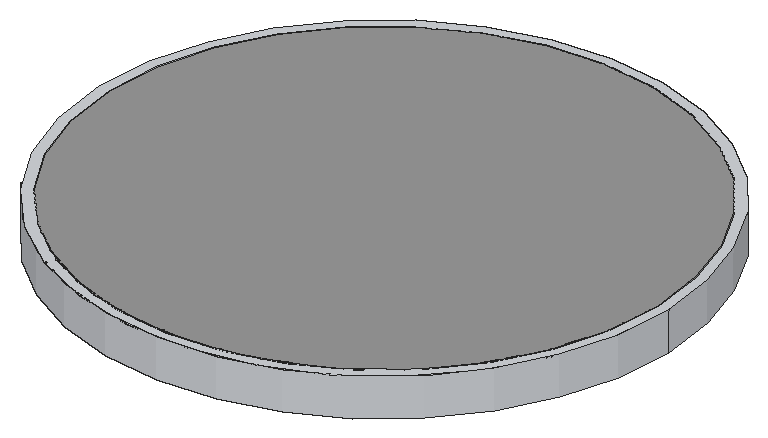
Revit family "2071260", category Lighting Fixtures, host Face, Revit 2018
Family settings
  Host = Face
  Round Connector Dimension = Use Diameter
  Part Type = Normal
  OmniClass Number = 23.80.70.00
  OmniClass Title = Lighting
  Cut with Voids When Loaded = No
  Light Source = Yes
  Shared = No
  Room Calculation Point = No
Parameters (values of type "2071260 COLOSSAL 900 830 OP DIR+H WHT SSC")
  iner diameter = 856 mm
  Weight = "n/a"
  Wattage Comments = ""
  Wattage = 30 W
  WarrantyStartDate [instance] = "n/a"
  WarrantyGuarantorParts = "n/a"
  WarrantyDurationUnit = "n/a"
  WarrantyDurationParts = ""
  WarrantyDescription = "http://www.sylvania-lighting.com"
  built-in parameter 1150110 = 1 (stored number, unit not read)
  Voltage = 230 V
  URL = "0.95"
  TypeName = "COLOSSAL 900mm 830 OPAL DIR+HAL WHITE SSC"
  Type Image = <None>
  Type Comments = "n/a"
  built-in parameter 1114217 = 1 (stored number, unit not read)
  Tilt Angle = -90.00°
  built-in parameter 1150109 = 1 (stored number, unit not read)
  built-in parameter 1150134 = (empty or 0)
  built-in parameter 1150113 = 1 (stored number, unit not read)
  SerialNumber [instance] = "n/a"
  Photometric Web File = "2071260.ies"
  Material_3_SYL = LED-Sylvania
  PowerFactor = 0
  PowerConsumption = "Lighting"
  NominalLength = 888 mm
  NominalHeight = 93 mm
  NominalDepth = 888 mm
  Name = "COLOSSAL 900mm 830 OPAL DIR+HAL WHITE SSC"
  ModelReference = Name  # "COLOSSAL 900mm 830 OPAL DIR+HAL WHITE SSC"
  ModelNumber = "2071260"
  Model = Name  # "COLOSSAL 900mm 830 OPAL DIR+HAL WHITE SSC"
  Material = "Feilo Sylvania"
  ManufacturerName = "137 lm/W"
  Manufacturer = ""
  LuminousEfficacy = ""
  built-in parameter 1150105 = 270.44 (stored number, unit not read)
  Lumens = 3398.4 lm
  LuminaireType = "0"
  built-in parameter 1150115 = 1 (stored number, unit not read)
  LightOutputRatio = "LED"
  built-in parameter 1150137 = (empty or 0)
  built-in parameter 1150139 = (empty or 0)
  LampsType = Lamp  # "n/a"
  LampNominalLuminous = "3000 K"
  LampMacAdamStep = "80"
  LampColourTemperature = "LED"
  LampColourRenderingIndex = "16500"
  built-in parameter 1150112 = 1 (stored number, unit not read)
  built-in parameter 1150114 = 1 (stored number, unit not read)
  Lamp = "n/a"
  Keynote = "n/a"
  InstallationDate [instance] = "n/a"
  InputVoltage = "0"
  InputNominalFrequency = "3000"
  built-in parameter 1150132 = (empty or 0)
  built-in parameter 1150102 = (empty or 0)
  built-in parameter 1150107 = 3000 (stored number, unit not read)
  built-in parameter 1150138 = (empty or 0)
  IngressProtection = "IfcLightFixtureType"
  ImpactProtectionIndex = "IfcLightFixtureType"
  built-in parameter 1150106 = 2.7044 (stored number, unit not read)
  IfcExportType = "IfcLightFixtureType"
  IfcExportAs = "Class I"
  Emit from Circle Diameter = 385 mm
  Emit Shape Visible in Rendering = no
  ElectricShockClassification = "137"
  built-in parameter 1150104 = 10.524 (stored number, unit not read)
  DocumentationLiterature = "http://www.sylvania-lighting.com/product/en-int/products/2071260"
  DimmingControlOptions = "n/a"
  Material_2_SYL = Polycarbonate_Sylvania_White
  Dimming Lamp Color Temperature Shift = <None>
  Description = "900mm diameter circular architectural luminaire, can be surface mounted or suspended. Powder coated aluminium housing (RAL9016) with polycarbonate opal diffuser. Direct/indirect (halo) light distribution, 10505lm luminuous flux, 76.8W system power, 137lm/W luminiaire efficacy. Sylsmart Standalone enabled. Colour rendering index Ra >80, 3000K Warm White LED, chromaticity tolerance of 3-step MacAdam ellipse. IP40/IP20, IK03. 450mA drive current. Electrical protection Class1, 220-240V. Reported lifetime 66k hours L90B10."
  Default Elevation = 1219.2 mm
  CreatedOn = "23/03/2022"
  CreatedBy = "@sylvania-lighting.com"
  Cost = 0
  Color Filter = 16777215
  built-in parameter 1114216 [instance] = (empty or 0)
  ClassificationValue = "EF_70_80"
  ClassificationName = "Uniclass2015"
  Material_1_SYL = Polycarbonate_Sylvania_Opal
  BarCode [instance] = "n/a"
  built-in parameter 1114218 = 1 (stored number, unit not read)
  built-in parameter 1150133 = 10 (stored number, unit not read)
  AssetType = "Fixed"
  AssetIdentifier [instance] = "n/a"
  Assembly Code = "D5020200"
  Apparent Load = 76.8 VA
  Material_4_SYL = none
Reference planes
  plane 1 "Center (Front/Back)": y = 0
  plane 2: z = 0
  plane 3 "Center (Left/Right)": x = 0
  plane 4: z = 1.161
  plane 5: z = 16.161
  plane 6: x = -444
  plane 7: x = 444
  plane 8: y = 444
  plane 9: y = -444
  plane 10: y = 236
  plane 11: y = -236
  plane 12: x = 85
  plane 13: x = -85
  plane 14: through (0, 0, 1219.2) normal (0.5, 0.866, 0)
  plane 15: through (42.5, 73.612, 1219.2) normal (0.5, 0.866, 0)
  plane 16: through (-42.5, -73.612, 1219.2) normal (0.5, 0.866, 0)
  plane 17: through (0, 0, 1219.2) normal (0.5, -0.866, 0)
  plane 18: through (-42.5, 73.612, 1219.2) normal (0.5, -0.866, 0)
  plane 19: through (42.5, -73.612, 1219.2) normal (0.5, -0.866, 0)
  plane 20: z = 93
  plane 21: y = 428
  plane 22: y = -428
Forms (mm)
  Extrusion 1, solid, detail levels medium+fine
    sketch origin (0, 0, 0) x (0.866025, -0.5, 0) y (0.5, 0.866025, 0)
      loop
        circle (-50, 86.603) r 22
    from 0 to 2
  Extrusion 2, solid, detail levels medium+fine
    sketch origin (0, 0, 0) x (0.866025, -0.5, 0) y (0.5, 0.866025, 0)
      loop
        circle (100, 0) r 22
      loop
        circle (-50, -86.603) r 22
    from 0 to 2
  Blend 3, solid, detail levels medium+fine
    base sketch origin (0, 0, 0) x (1, 0, 0) y (0, 1, 0)
      loop
        line (-85, 236) -> (-246.882, -44.388) -> (-161.882, -191.612) -> (161.882, -191.612) -> (246.882, -44.388) -> (85, 236) -> (-85, 236)
    top sketch origin (0, 0, 0) x (1, 0, 0) y (0, 1, 0)
      loop
        line (-85, 283.076) -> (-287.651, -67.926) -> (-207.792, -218.119) -> (207.792, -218.119) -> (292.5, -71.401) -> (85, 283.076) -> (-85, 283.076)
    from 0 to 33.022
  Extrusion 4, solid, detail levels medium+fine
    sketch origin (0, 0, 0) x (1, 0, 0) y (0, 1, 0)
      loop
        circle (0, 0) r 444
    from 33.022 to 93
  Extrusion 5, void
    sketch origin (0, 0, 0) x (1, 0, 0) y (0, 1, 0)
      loop
        circle (0, 0) r 428
    from 96.588 to 37.292
  Extrusion 6, solid, material "Glass, White, High Luminance", detail levels fine
    sketch origin (0, 0, 0) x (1, 0, 0) y (0, 1, 0)
      loop
        circle (0, 0) r 428
    from 87.991 to 93
  Extrusion 7, solid, detail levels coarse
    sketch origin (0, 0, 0) x (1, 0, 0) y (0, 1, 0)
      loop
        line (-444, 444) -> (-444, -444) -> (444, -444) -> (444, 444) -> (-444, 444)
    from 0 to 93.648
Cuts and joins
  Extrusion 5 cuts Extrusion 1
  Extrusion 5 cuts Extrusion 2
  Extrusion 5 cuts Blend 3
  Extrusion 5 cuts Extrusion 4
Lines and regions (mm)
  model lines, detail levels medium+fine
    curve 1: circle (0, 0, 0) r 100 normal (0, 0, 1)
Dimensions and locks
  "NominalDepth": plane 8 to plane 9
  plane 8 to plane 1 "Center (Front/Back)" to plane 9 = 444 mm, 444 mm
  "NominalLength": plane 6 to plane 7
  equal spacing: plane 6, plane 3 "Center (Left/Right)", plane 7
  "NominalHeight": level to plane 20
  "iner diameter": plane 21 to plane 22
  equal spacing: plane 21, plane 1 "Center (Front/Back)", plane 22
  aligned and locked: plane 2 to host face
  aligned and locked: level to host face
Automatic sketch dimensions
  host sketch curve to host sketch curve = 2438.4 mm  (x2)
  Extrusion 1 sketch curve to plane 3 "Center (Left/Right)" = 0 mm
  Extrusion 1 sketch curve to plane 1 "Center (Front/Back)" = 100 mm
  plane 1 "Center (Front/Back)" to Extrusion 2 sketch curve = 50 mm
  Extrusion 2 sketch curve to plane 3 "Center (Left/Right)" = 86.603 mm
  Extrusion 2 sketch curve to Extrusion 2 sketch curve = 150 mm
  Extrusion 2 sketch curve to Extrusion 2 sketch curve = 86.603 mm
  plane 1 "Center (Front/Back)" to curve 1 = 0 mm
  curve 1 to plane 3 "Center (Left/Right)" = 0 mm
  plane 18 to Blend 3 sketch curve = 0 mm  (x2)
  plane 19 to Blend 3 sketch curve = 0 mm  (x2)
  Blend 3 sketch curve to plane 10 = 0 mm
  Blend 3 sketch curve to plane 13 = 0 mm  (x2)
  Blend 3 sketch curve to plane 12 = 0 mm  (x2)
  Blend 3 sketch curve to plane 16 = 0 mm  (x2)
  Blend 3 sketch curve to plane 15 = 0 mm
  plane 11 to Blend 3 sketch curve = 44.388 mm
  plane 1 "Center (Front/Back)" to Blend 3 sketch curve = 44.388 mm  (x2)
  plane 11 to Blend 3 sketch curve = 17.881 mm
  plane 1 "Center (Front/Back)" to Blend 3 sketch curve = 67.926 mm
  plane 1 "Center (Front/Back)" to Blend 3 sketch curve = 71.401 mm
  Blend 3 sketch curve to plane 7 = 151.5 mm
  plane 10 to Blend 3 sketch curve = 47.076 mm
  plane 1 "Center (Front/Back)" to Extrusion 4 sketch curve = 0 mm
  Extrusion 4 sketch curve to plane 3 "Center (Left/Right)" = 0 mm
  plane 1 "Center (Front/Back)" to Extrusion 5 sketch curve = 0 mm
  Extrusion 5 sketch curve to plane 3 "Center (Left/Right)" = 0 mm
  plane 1 "Center (Front/Back)" to Extrusion 6 sketch curve = 0 mm
  Extrusion 6 sketch curve to plane 3 "Center (Left/Right)" = 0 mm
  Extrusion 7 sketch curve to plane 6 = 0 mm
  Extrusion 7 sketch curve to plane 7 = 0 mm
  Extrusion 7 sketch curve to plane 9 = 0 mm
  Extrusion 7 sketch curve to plane 8 = 0 mm
  radius of Extrusion 1 sketch curve = 22 mm
  radius of Extrusion 2 sketch curve = 22 mm  (x2)
  radius of curve 1 = 100 mm
  radius of Extrusion 4 sketch curve = 444 mm
  radius of Extrusion 5 sketch curve = 428 mm
  radius of Extrusion 6 sketch curve = 428 mm
Connectors
  electrical at (0, 0, 0), driven by "Apparent Load", driven by "PowerFactor", driven by "Voltage"
    settings: index 1, voltage 230 V, apparent load 76.8 VA, apparent load phase1 0 VA, apparent load phase2 0 VA, apparent load phase3 0 VA, power factor 0, load classification "Lighting", number of poles 1, system type 30, power factor state 1, is connector primary yes, connector utility no, sub classification motor no, connector description ""
